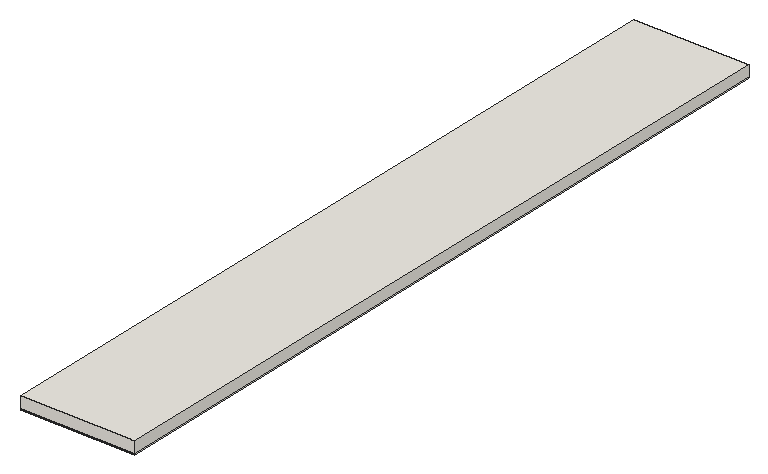
Revit family "ERA_LF_CR_SPO-7-40", category Осветительные приборы, Revit 2019 (continued)
Types (4, lengths in mm): name | Файл фотометрической сетки | built-in parameter 1150142 | built-in parameter 1150107 | URL | ADSK_Масса | ADSK_Марка | ADSK_Обозначение | ADSK_Наименование
  SPO-7-40-6K-M, LED, IP40, 1200х180х19 мм (ДхШхВ), 40 Вт, 6500 К, 2800 лм, класс защиты I, в комплекте (импульсный драйвер, поликарбонат) | "SPO-7-40-6K-M.ies" | "IESNA: LM-63-1995          \r\n[TEST]\r\n[DATA] 09.03.2017         \r\n[MANUFAC]??РА\r\n[LUMCAT] Светильник светодиодный\r\n[LUMINAIRE] SPO-7-40-6K-M(4)\r\n[LAMPCAT] Светодиоды         \r\n[LAMP] Светодиоды  \r\n[BALLASTCAT] \r\n[BALLAST] \r\n[OTHER] YS06128GON-1800\r\n[MORE] Temprature:25,Humidity:40\r\n[More] Frequency:50.0 Voltage:229.9 Current:0.192 Power:35.3 PF:0.96\r\nTILT=NONE\r\n1 2516 1.000 181 7 1 2 0.180 1.20 0.020 \r\n1.000 1.000 35.300\r\n0.0 1.0 2.0 3.0 4.0 5.0 6.0 7.0 8.0 9.0 10.0 11.0 12.0 13.0 14.0 15.0 16.0 17.0 18.0 19.0 20.0 21.0\r\n22.0 23.0 24.0 25.0 26.0 27.0 28.0 29.0 30.0 31.0 32.0 33.0 34.0 35.0 36.0 37.0 38.0 39.0 40.0 41.0 42.0 43.0\r\n44.0 45.0 46.0 47.0 48.0 49.0 50.0 51.0 52.0 53.0 54.0 55.0 56.0 57.0 58.0 59.0 60.0 61.0 62.0 63.0 64.0 65.0\r\n66.0 67.0 68.0 69.0 70.0 71.0 72.0 73.0 74.0 75.0 76.0 77.0 78.0 79.0 80.0 81.0 82.0 83.0 84.0 85.0 86.0 87.0\r\n88.0 89.0 90.0 91.0 92.0 93.0 94.0 95.0 96.0 97.0 98.0 99.0 100.0 101.0 102.0 103.0 104.0 105.0 106.0 107.0 108.0 109.0\r\n110.0 111.0 112.0 113.0 114.0 115.0 116.0 117.0 118.0 119.0 120.0 121.0 122.0 123.0 124.0 125.0 126.0 127.0 128.0 129.0 130.0 131.0\r\n132.0 133.0 134.0 135.0 136.0 137.0 138.0 139.0 140.0 141.0 142.0 143.0 144.0 145.0 146.0 147.0 148.0 149.0 150.0 151.0 152.0 153.0\r\n154.0 155.0 156.0 157.0 158.0 159.0 160.0 161.0 162.0 163.0 164.0 165.0 166.0 167.0 168.0 169.0 170.0 171.0 172.0 173.0 174.0 175.0\r\n176.0 177.0 178.0 179.0 180.0\r\n0.0 30.0 60.0 90.0 120.0 150.0 180.0\r\n927.741 950.583 948.594 943.487 940.201 936.608 935.037 933.155 932.994 932.394 930.351 930.431 929.398 930.122\r\n927.851 922.270 917.138 910.987 900.731 887.609 874.596 862.539 851.310 841.044 832.880 826.474 820.951 815.206\r\n811.862 807.465 800.045 792.034 781.045 769.202 757.300 743.188 727.264 711.755 696.378 680.918 664.378 650.015\r\n637.782 626.557 613.428 602.644 593.920 581.762 565.575 549.821 534.556 518.843 503.740 489.611 478.231 467.557\r\n455.270 438.986 421.606 403.674 386.645 368.940 351.782 335.922 319.573 303.707 287.773 271.785 255.653 240.567\r\n224.604 210.577 195.834 180.055 165.133 150.453 135.229 121.310 106.556 92.417 80.032 67.976 56.611 46.501\r\n36.478 26.883 18.835 11.271 4.462 1.181 0.000 0.225 0.364 0.000 0.227 0.187 0.000 0.232\r\n0.232 0.000 0.285 0.305 0.032 0.542 0.057 0.072 0.578 0.064 0.467 0.662 0.064 0.509\r\n0.394 0.165 0.605 0.427 0.345 0.763 0.525 0.492 0.929 0.465 0.764 1.148 0.704 1.293\r\n1.286 0.827 1.431 1.000 0.887 1.453 0.934 1.281 1.580 1.048 1.400 1.330 0.878 1.172\r\n1.038 0.747 1.228 0.995 0.741 1.158 0.537 0.640 1.055 0.438 0.935 0.990 0.384 1.005\r\n0.581 0.386 0.947 0.571 0.697 0.909 0.508 0.747 0.831 0.481 0.838 0.863 0.520 1.073\r\n0.850 0.567 1.087 0.509 0.858 0.646 0.559 1.092 0.640 1.236 0.799 0.964 0.981\r\n927.741 926.873 926.306 923.088 919.213 917.817 914.308 911.604 909.880 907.596 906.976 904.762 902.439 901.439\r\n897.801 895.159 891.745 885.090 879.894 872.945 862.707 851.563 839.527 828.034 818.293 807.778 795.782 783.751\r\n773.246 764.023 755.673 747.601 738.159 728.392 719.347 711.214 700.771 690.106 677.142 664.260 651.716 638.530\r\n621.912 605.350 589.542 574.477 560.681 547.362 534.186 522.816 511.770 497.765 482.277 465.933 450.703 435.741\r\n420.397 405.740 391.873 378.650 365.738 351.407 336.099 320.406 303.226 287.023 270.590 253.809 237.400 221.647\r\n205.664 190.829 175.726 160.473 146.431 132.635 118.369 105.379 92.098 79.667 67.945 56.083 45.561 36.577\r\n28.120 20.057 13.452 6.628 1.873 0.470 0.000 0.121 0.326 0.000 0.032 0.270 0.000 0.001\r\n0.330 0.000 0.354 0.432 0.000 0.345 0.203 0.000 0.331 0.341 0.000 0.320 0.485 0.093\r\n0.653 0.270 0.213 0.748 0.513 0.540 1.069 0.736 0.603 1.232 1.184 0.932 1.383 0.857\r\n0.853 1.522 0.931 1.040 1.324 1.053 1.059 1.344 0.798 0.858 1.324 0.668 1.041 1.141\r\n0.540 0.797 0.864 0.513 0.588 0.876 0.325 0.771 0.885 0.327 0.688 0.679 0.356 0.607\r\n0.749 0.304 0.509 0.806 0.292 0.760 0.861 0.294 0.762 0.692 0.435 0.770 0.775 0.436\r\n1.040 0.961 0.478 1.052 1.116 1.038 1.090 0.574 1.180 0.639 0.879 1.141 0.981\r\n927.741 927.578 926.635 925.571 925.291 923.480 922.079 918.987 914.953 910.192 904.226 898.933 893.875 888.607\r\n885.644 880.402 874.705 868.974 862.166 857.217 852.412 845.657 838.749 831.029 822.979 816.246 808.470 802.148\r\n794.913 787.505 778.390 766.730 753.642 741.888 730.175 717.900 705.505 693.696 683.169 672.400 659.814 647.604\r\n635.596 621.236 603.932 587.506 575.095 561.308 545.512 532.442 521.322 508.822 495.988 484.426 472.933 460.117\r\n448.583 432.694 419.737 405.559 390.103 375.265 360.323 344.845 328.904 312.640 295.251 279.007 263.255 247.436\r\n232.611 217.785 201.776 186.756 171.502 156.741 142.342 128.411 113.414 99.574 86.569 73.605 62.350 51.526\r\n41.274 31.416 22.576 14.687 8.077 2.024 0.000 0.313 0.331 0.000 0.232 0.126 0.000 0.240\r\n0.266 0.000 0.460 0.386 0.000 0.499 0.177 0.107 0.631 0.524 0.392 0.871 0.706 0.426\r\n1.025 0.776 0.426 1.034 0.625 0.849 1.026 0.533 0.669 0.970 0.625 0.677 0.900 0.370\r\n0.564 0.963 0.428 0.973 1.011 0.422 0.927 0.716 0.727 1.035 0.708 0.491 0.936 0.627\r\n0.408 0.910 0.320 0.432 0.907 0.323 0.795 0.895 0.367 0.785 0.694 0.418 0.820 0.692\r\n0.467 0.974 0.810 0.484 1.014 0.494 0.546 1.031 0.530 0.834 1.085 0.596 0.863 0.963\r\n0.648 0.879 1.008 0.603 0.671 0.917 0.611 1.097 0.658 1.098 1.243 0.741 0.981\r\n927.741 925.695 924.743 926.043 926.459 925.959 924.466 923.262 921.499 919.893 917.504 913.154 909.451 904.558\r\n898.743 893.538 888.455 882.358 877.039 872.241 866.640 863.083 857.478 849.445 841.132 831.846 823.269 813.209\r\n801.991 790.514 780.349 768.795 756.768 747.340 737.867 728.139 718.162 706.905 694.130 682.602 670.276 657.497\r\n644.357 631.359 619.748 607.550 594.954 581.432 569.154 556.320 545.097 532.405 517.162 501.378 487.098 472.520\r\n457.468 442.486 428.298 413.449 398.420 381.712 365.753 349.661 332.048 315.961 300.175 284.553 269.672 253.988\r\n237.698 222.596 207.193 190.938 175.577 160.249 144.028 129.128 114.090 99.870 87.148 74.148 61.600 50.316\r\n39.414 28.943 19.826 10.741 3.366 0.462 0.000 0.095 0.343 0.000 0.148 0.206 0.000 0.175\r\n0.248 0.000 0.460 0.241 0.000 0.570 0.004 0.056 0.591 0.029 0.541 0.637 0.065 0.607\r\n0.310 0.323 0.749 0.345 0.457 0.767 0.387 0.588 0.718 0.349 0.681 0.665 0.375 0.930\r\n0.612 0.487 0.894 0.336 0.937 0.868 0.351 0.979 0.444 0.475 1.024 0.459 0.905 1.018\r\n0.456 1.068 0.613 0.527 1.090 0.578 0.888 0.874 0.531 1.011 0.791 0.743 1.123 0.696\r\n0.916 1.037 0.600 1.018 0.927 0.752 1.148 0.865 0.803 1.167 0.626 0.935 1.090 0.631\r\n1.231 1.052 0.693 1.197 1.257 0.973 1.248 0.780 1.219 0.821 0.656 1.162 0.981\r\n927.741 924.409 923.855 923.584 922.360 920.710 919.297 916.502 912.698 910.035 905.132 899.750 894.227 888.656\r\n885.685 880.756 874.414 869.905 865.343 859.547 855.000 847.954 841.541 835.164 827.288 818.830 810.771 800.882\r\n789.926 778.072 766.354 755.820 744.486 733.448 721.212 707.311 695.070 683.570 670.422 658.641 647.487 634.649\r\n623.380 612.407 600.418 589.205 576.802 563.265 550.937 537.890 525.490 512.992 499.789 485.866 472.870 458.728\r\n445.874 431.899 417.509 403.178 388.821 373.908 359.954 345.629 329.869 314.971 298.688 283.288 267.333 250.444\r\n234.462 218.779 201.824 185.993 169.790 154.204 139.039 123.234 108.498 94.923 81.750 69.348 57.938 46.768\r\n37.400 28.195 20.058 13.758 7.444 2.116 0.454 0.000 0.000 0.351 0.000 0.378 0.000 0.000\r\n0.453 0.000 0.297 0.514 0.000 0.483 0.303 0.130 0.600 0.343 0.390 0.707 0.383 0.557\r\n0.837 0.467 0.684 0.990 0.456 0.989 0.750 0.372 0.947 0.379 0.317 0.915 0.363 0.679\r\n0.894 0.408 0.722 0.824 0.474 0.611 0.693 0.250 0.963 0.762 0.206 0.753 0.300 0.158\r\n0.704 0.315 0.320 0.663 0.344 0.249 0.755 0.520 0.323 0.807 0.359 0.665 0.874 0.475\r\n0.694 0.878 0.583 0.632 0.995 0.484 0.703 1.126 0.658 1.061 1.228 0.651 1.076 1.071\r\n0.754 1.044 1.130 0.745 0.865 1.019 0.710 1.202 0.716 1.229 1.148 0.896 0.981\r\n927.741 920.974 920.588 917.888 913.460 910.695 906.971 903.502 900.900 899.460 899.011 897.316 895.391 893.663\r\n893.160 890.163 885.638 875.596 866.570 855.167 845.711 838.184 828.210 818.822 811.069 801.000 790.567 779.283\r\n770.187 762.035 752.203 743.254 733.504 722.936 711.665 699.820 687.628 674.886 662.262 646.886 633.881 621.456\r\n608.653 596.581 584.383 573.442 562.812 550.114 537.717 525.671 512.837 499.633 486.153 470.523 455.991 441.001\r\n424.813 410.017 395.669 380.124 365.176 349.117 333.351 319.197 303.652 287.634 272.385 256.965 241.431 226.933\r\n210.969 196.462 181.935 166.543 152.323 138.647 124.140 110.755 97.501 83.975 71.547 59.838 48.680 39.321\r\n30.658 21.805 14.593 7.872 2.780 0.534 0.000 0.000 0.269 0.031 0.000 0.341 0.000 0.000\r\n0.416 0.000 0.365 0.479 0.000 0.356 0.278 0.000 0.426 0.290 0.125 0.457 0.345 0.163\r\n0.660 0.104 0.248 0.736 0.174 0.792 0.876 0.192 0.721 0.400 0.345 0.918 0.383 0.617\r\n0.873 0.364 0.778 0.795 0.499 0.869 0.593 0.508 0.920 0.546 0.641 0.907 0.421 0.760\r\n0.771 0.431 0.982 0.661 0.447 0.835 0.233 0.870 0.751 0.231 0.785 0.183 0.203 0.767\r\n0.118 0.709 0.725 0.138 0.749 0.252 0.217 0.825 0.276 0.729 0.621 0.363 0.947 0.629\r\n0.755 1.122 0.559 0.980 1.071 1.243 1.161 0.623 1.238 0.656 0.654 1.206 0.981\r\n927.741 920.899 920.223 916.628 911.754 907.767 905.013 902.772 901.675 900.507 898.567 897.088 896.939 896.934\r\n894.147 888.463 880.362 870.888 863.203 856.617 850.667 843.765 837.635 830.328 820.213 811.439 802.191 794.355\r\n786.347 777.468 767.520 758.750 746.970 736.073 724.018 710.907 698.764 685.907 672.200 659.916 647.922 636.366\r\n624.870 612.475 601.134 590.280 579.260 565.971 551.871 537.545 524.399 509.642 495.060 481.093 467.005 453.934\r\n440.760 425.309 411.213 395.240 379.951 364.465 348.180 333.677 317.870 301.686 286.796 271.686 256.130 241.331\r\n225.476 211.090 196.042 180.340 166.180 151.702 136.910 123.183 108.173 94.189 81.440 69.078 58.541 47.458\r\n37.461 28.373 18.379 11.616 6.548 0.973 0.298 0.000 0.000 0.378 0.000 0.167 0.263 0.000\r\n0.282 0.191 0.009 0.452 0.141 0.215 0.489 0.063 0.410 0.391 0.094 0.492 0.313 0.230\r\n0.654 0.327 0.420 0.626 0.168 0.859 0.667 0.414 0.955 0.294 0.499 0.932 0.390 1.014\r\n0.925 0.475 1.151 0.571 0.701 1.148 0.528 1.130 0.718 0.593 1.127 0.548 0.927 1.078\r\n0.401 0.978 0.600 0.388 0.997 0.427 0.725 0.949 0.312 0.776 0.538 0.420 0.803 0.336\r\n0.418 0.604 0.240 0.550 0.506 0.248 0.657 0.456 0.376 0.786 0.383 0.502 0.808 0.309\r\n0.664 0.775 0.454 1.029 0.951 0.759 1.116 0.777 1.136 1.026 0.708 1.223 0.981\r\n\r\n" | 6500 (stored number, unit not read) | "https://www.eraworld.ru/catalog/1009367" | 1.1 | "SPO-7-40-6K-M" | "SPO-7-40-6K-M" | "Светильник, LED, прямоугольный, потолочный, IP40, 1200х180х19 мм (ДхШхВ), 40 Вт, 6500 К, 2800 лм, класс защиты I, в комплекте (импульсный драйвер, поликарбонат)"
  SPO-7-40-4K-M, LED, IP40, 1200х180х19 мм (ДхШхВ), 40 Вт, 4000 К, 2800 лм, класс защиты I, в комплекте (импульсный драйвер, поликарбонат) | "SPO-7-40-4K-M.ies" | "IESNA:LM-63-2002\r\n[OTHER] \r\n[MANUFAC] ЭРА\r\n[LUMCAT] \r\n[LUMINAIRE] SPO-7-40-4K-M\r\n[TEST] 2245\r\n[TESTLAB]\r\n[LAMPCAT] \r\n[LAMP] LED\r\n[ISSUEDATE] \r\nTILT=NONE\r\n1 3200.000000 3.239 91 10 1 2 1.2000 0.18000 0.020000\r\n1 1 36.7\r\n0.0 2.0 4.0 6.0 8.0 10.0 12.0 14.0 16.0 18.0 20.0 22.0 24.0 26.0 28.0 30.0 32.0 34.0 36.0 38.0 40.0 42.0 44.0 46.0 48.0 50.0 52.0 54.0 56.0 58.0 60.0 62.0 64.0 66.0 68.0 70.0 72.0 74.0 76.0 78.0 80.0 82.0 84.0 86.0 88.0 90.0 92.0 94.0 96.0 98.0 100.0 102.0 104.0 106.0 108.0 110.0 112.0 114.0 116.0 118.0 120.0 122.0 124.0 126.0 128.0 130.0 132.0 134.0 136.0 138.0 140.0 142.0 144.0 146.0 148.0 150.0 152.0 154.0 156.0 158.0 160.0 162.0 164.0 166.0 168.0 170.0 172.0 174.0 176.0 178.0 180.0\r\n0.000 10.000 20.000 30.000 40.000 50.000 60.000 70.000 80.000 90.000\r\n284.6 284.2 283.5 282.8 281.3 279.9 277.7 275.2 272.5 269.5 266.0 262.1 258.1 253.6 248.6 243.5 238.1 232.2 225.9 219.6 212.8 205.9 198.5 191.0 183.4 175.7 167.8 159.7 151.7 143.5 135.0 127.3 119.2 111.2 103.7 95.9 88.7 81.5 74.7 67.9 61.2 54.9 49.0 43.2 37.8 33.1 28.6 24.5 20.9 17.8 14.9 12.4 10.3 8.5 7.0 5.9 5.2 4.5 4.0 3.4 3.1 3.1 3.1 3.1 3.1 3.1 3.1 3.1 3.1 3.1 3.1 3.2 3.2 3.2 3.2 3.2 3.2 3.2 3.2 3.4 3.4 3.4 3.4 3.2 3.1 3.1 2.9 2.7 3.1 3.2 3.6\r\n284.6 284.4 283.5 282.4 281.3 279.7 277.7 275.2 272.5 269.3 265.9 262.1 258.1 253.4 248.6 243.4 237.8 232.2 226.1 219.4 212.9 205.9 198.5 191.0 183.4 175.7 167.8 159.7 151.6 143.5 135.0 127.1 119.2 111.2 103.5 95.9 88.7 81.5 74.5 67.9 61.0 54.9 48.8 43.0 37.8 32.9 28.4 24.3 20.7 17.6 14.8 12.2 10.3 8.5 6.8 6.1 5.2 4.5 4.0 3.4 2.9 2.9 2.9 3.1 3.1 3.1 3.1 3.1 3.1 3.1 3.1 3.1 3.1 3.1 3.2 3.2 3.2 3.2 3.2 3.4 3.4 3.4 3.2 3.2 3.1 2.9 2.9 2.9 3.1 3.2 3.6\r\n284.6 284.2 283.5 282.4 281.3 279.7 277.6 275.2 272.5 269.3 265.9 262.3 257.9 253.6 248.6 243.5 237.8 232.2 226.1 219.4 212.8 205.7 198.7 191.0 183.2 175.7 167.8 159.5 151.6 143.3 135.0 127.1 119.0 111.1 103.5 95.9 88.6 81.4 74.3 67.7 60.8 54.5 48.6 42.8 37.6 32.6 28.3 24.1 20.7 17.5 14.6 12.2 10.1 8.3 6.8 5.9 5.2 4.5 3.8 3.2 3.1 3.1 3.1 3.1 3.1 3.1 3.1 3.1 3.1 3.1 3.2 3.2 3.2 3.2 3.2 3.2 3.2 3.2 3.2 3.4 3.4 3.4 3.2 3.2 3.1 2.9 2.9 2.9 3.1 3.2 3.4\r\n284.6 284.2 283.7 282.4 281.3 279.7 277.7 275.4 272.5 269.3 266.0 262.1 257.9 253.4 248.6 243.4 237.8 232.0 225.9 219.6 212.8 205.7 198.5 191.0 183.4 175.5 167.8 159.5 151.6 143.3 134.8 127.1 119.0 111.1 103.3 95.8 88.4 81.2 74.2 67.3 60.5 54.4 48.2 42.5 37.3 32.2 27.7 23.8 20.3 17.1 14.4 12.1 9.9 8.3 6.8 5.8 5.0 4.3 3.8 3.2 2.9 2.9 2.9 2.9 3.1 3.1 3.1 3.1 3.1 3.1 3.1 3.2 3.2 3.2 3.2 3.2 3.2 3.2 3.2 3.4 3.2 3.2 3.4 3.2 3.1 2.9 3.1 2.9 3.1 3.2 3.2\r\n284.8 284.2 283.5 282.4 281.2 279.7 277.6 275.2 272.5 269.3 265.9 262.1 258.1 253.4 248.6 243.2 237.8 232.0 226.1 219.4 212.6 205.6 198.2 191.0 183.1 175.3 167.4 159.3 151.6 143.1 134.8 126.7 118.8 110.9 103.1 95.6 88.0 80.8 73.8 67.0 60.1 53.8 47.7 42.1 36.7 31.9 27.5 23.6 20.0 16.9 14.0 11.7 9.7 7.9 6.7 5.6 5.0 4.3 3.6 3.1 2.7 2.7 2.7 2.9 2.9 2.9 3.1 3.1 3.1 3.1 3.1 3.2 3.2 3.2 3.2 3.2 3.2 3.2 3.2 3.2 3.4 3.4 3.4 3.2 3.2 3.1 2.9 2.9 3.1 3.2 3.2\r\n284.8 284.2 283.7 282.4 281.3 279.7 277.7 275.2 272.5 269.5 265.9 262.1 258.1 253.4 248.6 243.4 237.8 232.0 225.9 219.4 212.6 205.7 198.4 190.8 183.2 175.3 167.4 159.1 151.4 142.9 134.6 126.7 118.6 110.7 103.0 95.2 87.8 80.6 73.4 66.6 59.8 53.5 47.5 41.6 36.2 31.5 27.0 23.0 19.6 16.6 13.9 11.5 9.5 7.7 6.5 5.4 4.7 4.1 3.4 3.1 2.7 2.7 2.7 2.7 2.7 2.9 2.9 2.9 3.1 3.1 3.1 3.2 3.2 3.2 3.2 3.2 3.2 3.2 3.2 3.4 3.4 3.4 3.4 3.2 3.2 3.1 2.9 2.9 2.9 3.2 3.2\r\n284.8 284.2 283.7 282.4 281.3 279.5 277.6 275.2 272.5 269.3 265.9 262.1 257.9 253.4 248.6 243.4 237.8 232.0 225.7 219.2 212.6 205.7 198.4 190.8 183.1 175.3 167.4 159.1 151.2 142.9 134.5 126.5 118.4 110.5 102.6 95.0 87.5 80.3 73.1 66.2 59.4 53.1 47.0 41.2 36.0 31.1 26.6 22.7 19.3 16.2 13.5 11.2 9.2 7.4 6.1 5.2 4.5 4.0 3.4 2.9 2.5 2.5 2.7 2.7 2.7 2.9 2.9 3.1 3.1 3.1 3.1 3.2 3.2 3.2 3.2 3.2 3.4 3.4 3.4 3.4 3.4 3.4 3.4 3.4 3.2 3.1 2.9 2.9 2.9 3.1 3.2\r\n284.6 284.2 283.7 282.4 281.3 279.9 277.7 275.4 272.5 269.3 265.7 262.1 258.1 253.4 248.4 243.4 237.8 232.0 225.7 219.2 212.4 205.6 198.2 190.6 183.1 175.1 167.0 159.1 151.2 142.7 134.5 126.4 118.3 110.3 102.4 94.9 87.3 79.9 72.9 65.9 59.0 52.7 46.8 41.0 35.6 30.8 26.5 22.5 19.1 16.0 13.3 10.8 8.8 7.2 5.8 5.0 4.3 3.8 3.4 2.9 2.7 2.7 2.7 2.7 2.9 2.9 2.9 3.1 3.1 3.1 3.1 3.2 3.2 3.2 3.2 3.4 3.4 3.4 3.4 3.4 3.4 3.4 3.4 3.4 3.2 3.1 3.1 2.9 2.9 3.1 3.2\r\n284.9 284.2 283.5 282.6 281.3 279.5 277.6 275.4 272.5 269.3 265.9 262.1 257.9 253.4 248.4 243.2 237.6 232.0 225.7 219.2 212.6 205.6 198.2 190.6 182.9 175.1 167.2 159.1 151.0 142.7 134.3 126.4 118.3 110.2 102.2 94.7 87.1 79.9 72.7 65.9 59.0 52.7 46.6 40.9 35.5 30.6 26.1 22.3 18.5 14.6 11.5 9.4 7.6 6.3 5.2 4.5 4.0 3.6 3.2 2.9 2.7 2.7 2.7 2.9 2.9 2.9 3.1 3.1 3.1 3.1 3.2 3.2 3.2 3.2 3.2 3.4 3.4 3.4 3.4 3.4 3.4 3.6 3.4 3.4 3.2 3.1 3.1 2.9 2.9 3.1 3.2\r\n284.9 284.2 283.5 282.4 281.2 279.7 277.7 275.4 272.5 269.5 265.9 262.1 257.9 253.4 248.4 243.2 237.8 232.0 225.7 219.2 212.2 205.4 198.4 190.6 182.9 175.1 167.0 158.9 151.0 142.7 134.3 126.2 118.1 110.2 102.2 94.7 87.3 79.7 72.9 65.9 59.0 52.7 46.8 40.7 35.5 30.6 26.1 22.3 18.5 13.5 10.8 9.0 7.4 6.1 5.2 4.5 4.1 3.6 3.2 2.9 2.7 2.7 2.7 2.9 2.9 2.9 2.9 2.9 3.2 3.2 3.2 3.2 3.2 3.2 3.4 3.4 3.4 3.4 3.6 3.6 3.6 3.6 3.6 3.4 3.2 3.2 3.1 3.1 3.1 3.1 3.2\r\n" | 4000 (stored number, unit not read) | "https://www.eraworld.ru/catalog/1009366" | 1.08 | "SPO-7-40-4K-M" | "SPO-7-40-4K-M" | "Светильник, LED, прямоугольный, потолочный, IP40, 1200х180х19 мм (ДхШхВ), 40 Вт, 4000 К, 2800 лм, класс защиты I, в комплекте (импульсный драйвер, поликарбонат)"
